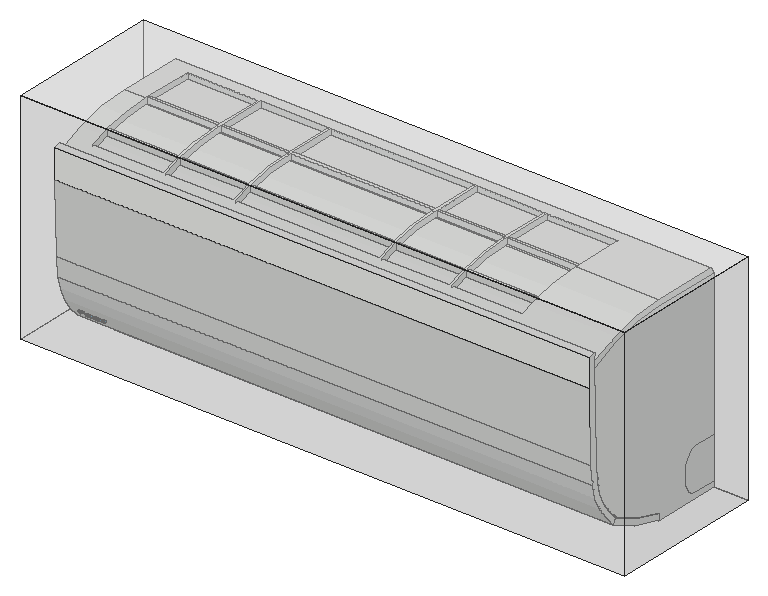
Revit family "outputfile", category 機械設備, Revit 2024
Family settings
  丸型コネクタ寸法 = 半径を使用
  パーツ タイプ = 標準
  OmniClass 番号 = 23.75.10.24.21.27.27
  OmniClass タイトル = Split System Air Conditioning Units
  作業面ベース = いいえ
  常に垂直 = はい
  ロード時にボイドで切り取り = いいえ
  注釈の向きを維持 = いいえ
  共有 = いいえ
  部屋計算ポイント = いいえ
Parameters (values of type "FTXV25QVMV")
  Description = ""
  書き出し IFC クラス(タイプ) = "IfcUnitaryEquipmentType"
  定義済み IFC タイプ(タイプ) = "AIRCONDITIONINGUNIT"
  Cost = 0
  Type Comments = ""
  Keynote = ""
  Type Image = (empty or 0)
  Assembly Code = ""
  w_wall hole = if(Width = 770.0 mm, 48.0 mm, 60.0 mm)  # 48.0 mm
  製造元 = "Daikin"
  モデル = "FTXV25QVMV"
  switch_frequency = yes
  r_Liquid Pipe Size = Liquid Pipe Size / 2  # 3.2 mm
  r_Gas Pipe Size = Gas Pipe Size / 2  # 4.75 mm
  r_Drain Pipe Size = Drain Pipe Size / 2  # 8.0 mm
  lw_powersupply [instance] = if(Width = 770.0 mm, if(or(Rear Right Connection_refrigerant, Bottom Right Connection_refrigerant), 25.0 mm, if(or(Rear Left Connection_refrigerant, Bottom Left Connection_refrigerant), 745.0 mm, 400.0 mm)), if(Width = 990.0 mm, if(or(Rear Right Connection_refrigerant, Bottom Right Connection_refrigerant), 40.0 mm, if(or(Rear Left Connection_refrigerant, Bottom Left Connection_refrigerant), 920.0 mm, 400.0 mm)), if(or(Rear Right Connection_refrigerant, Bottom Right Connection_refrigerant), 40.0 mm, if(or(Rear Left Connection_refrigerant, Bottom Left Connection_refrigerant), 920.0 mm, 400.0 mm))))  # 400.0 mm
  lw_liquidpipe [instance] = if(Width = 770.0 mm, if(or(Rear Right Connection_refrigerant, Bottom Right Connection_refrigerant), 0.0 mm, if(or(Rear Left Connection_refrigerant, Bottom Left Connection_refrigerant), 664.0 mm, 385.0 mm)), if(Width = 990.0 mm, if(or(Rear Right Connection_refrigerant, Bottom Right Connection_refrigerant), 0.0 mm, if(or(Rear Left Connection_refrigerant, Bottom Left Connection_refrigerant), 664.0 mm + (990.0 mm - 770.0 mm), 475.0 mm)), if(or(Rear Right Connection_refrigerant, Bottom Right Connection_refrigerant), 0.0 mm, if(or(Rear Left Connection_refrigerant, Bottom Left Connection_refrigerant), 664.0 mm + (990.0 mm - 770.0 mm), 475.0 mm))))  # 385.0 mm
  lw_gaspipe [instance] = if(Width = 770.0 mm, if(or(Rear Right Connection_refrigerant, Bottom Right Connection_refrigerant), 0.0 mm, if(or(Rear Left Connection_refrigerant, Bottom Left Connection_refrigerant), 675.0 mm, if(Gas Pipe Size = 12.7 mm, 345.0 mm, 335.0 mm))), if(Width = 990.0 mm, if(or(Rear Right Connection_refrigerant, Bottom Right Connection_refrigerant), 10.0 mm, if(or(Rear Left Connection_refrigerant, Bottom Left Connection_refrigerant), 890.0 mm, if(Gas Pipe Size = 15.9 mm, 410.0 mm, 400.0 mm))), if(or(Rear Right Connection_refrigerant, Bottom Right Connection_refrigerant), 10.0 mm, if(or(Rear Left Connection_refrigerant, Bottom Left Connection_refrigerant), 890.0 mm, if(Gas Pipe Size = 15.9 mm, 410.0 mm, 400.0 mm)))))  # 335.0 mm
  lw_drainpipe [instance] = if(Width = 770.0 mm, if(or(Rear Right Connection_refrigerant, Bottom Right Connection_refrigerant), 0.0 mm, if(or(Rear Left Connection_refrigerant, Bottom Left Connection_refrigerant), 770.0 mm - 48.0 mm - 48.0 mm, 440.0 mm)), if(Width = 990.0 mm, if(or(Rear Right Connection_refrigerant, Bottom Right Connection_refrigerant), 0.0 mm, if(or(Rear Left Connection_refrigerant, Bottom Left Connection_refrigerant), 675.0 mm + (990.0 mm - 770.0 mm), 435.0 mm)), if(or(Rear Right Connection_refrigerant, Bottom Right Connection_refrigerant), 0.0 mm, if(or(Rear Left Connection_refrigerant, Bottom Left Connection_refrigerant), 675.0 mm + (990.0 mm - 770.0 mm), 435.0 mm))))  # 440.0 mm
  l_powersupply_length [instance] = if(Width = 770.0 mm, if(Right Connection_refrigerant, 400.0 mm, if(Left Connection_refrigerant, 770.0 mm - 400.0 mm, if(or(Rear Left Connection_refrigerant, Rear Right Connection_refrigerant), 15.0 mm, 50.0 mm))), if(Width = 990.0 mm, if(Right Connection_refrigerant, 400.0 mm, if(Left Connection_refrigerant, 990.0 mm - 400.0 mm, if(or(Rear Left Connection_refrigerant, Rear Right Connection_refrigerant), 15.0 mm, 50.0 mm))), if(Right Connection_refrigerant, 400.0 mm, if(Left Connection_refrigerant, 990.0 mm - 400.0 mm, if(or(Rear Left Connection_refrigerant, Rear Right Connection_refrigerant), 15.0 mm, 50.0 mm)))))  # 400.0 mm
  l_liquidpipe_length [instance] = if(Width = 770.0 mm, if(Right Connection_refrigerant, 433.0 mm, if(Left Connection_refrigerant, 337.0 mm, if(or(Rear Left Connection_refrigerant, Rear Right Connection_refrigerant), 30.0 mm, 40.0 mm))), if(Width = 990.0 mm, if(Right Connection_refrigerant, 535.0 mm, if(Left Connection_refrigerant, 455.0 mm, if(or(Rear Left Connection_refrigerant, Rear Right Connection_refrigerant), 30.0 mm, 40.0 mm))), if(Right Connection_refrigerant, 535.0 mm, if(Left Connection_refrigerant, 455.0 mm, if(or(Rear Left Connection_refrigerant, Rear Right Connection_refrigerant), 30.0 mm, 40.0 mm)))))  # 433.0 mm
  l_gaspipe_length [instance] = if(Width = 770.0 mm, if(Right Connection_refrigerant, if(Gas Pipe Size = 12.7 mm, 393.0 mm, 383.0 mm), if(Left Connection_refrigerant, if(Gas Pipe Size = 12.7 mm, 770.0 mm - 393.0 mm, 770.0 mm - 383.0 mm), if(or(Rear Left Connection_refrigerant, Rear Right Connection_refrigerant), 40.0 mm, 50.0 mm))), if(Width = 990.0 mm, if(Right Connection_refrigerant, if(Gas Pipe Size = 15.9 mm, 470.0 mm, 460.0 mm), if(Left Connection_refrigerant, if(Gas Pipe Size = 15.9 mm, 990.0 mm - 470.0 mm, 990.0 mm - 460.0 mm), if(or(Rear Left Connection_refrigerant, Rear Right Connection_refrigerant), 40.0 mm, 50.0 mm))), if(Right Connection_refrigerant, if(Gas Pipe Size = 15.9 mm, 470.0 mm, 460.0 mm), if(Left Connection_refrigerant, if(Gas Pipe Size = 15.9 mm, 990.0 mm - 470.0 mm, 990.0 mm - 460.0 mm), if(or(Rear Left Connection_refrigerant, Rear Right Connection_refrigerant), 40.0 mm, 50.0 mm)))))  # 383.0 mm
  l_drainpipe_length [instance] = if(Width = 770.0 mm, if(Right Connection_refrigerant, 488.0 mm, if(Left Connection_refrigerant, 282.0 mm, if(or(Rear Left Connection_refrigerant, Rear Right Connection_refrigerant), 15.0 mm, 20.0 mm))), if(Width = 990.0 mm, if(Right Connection_refrigerant, 495.0 mm, if(Left Connection_refrigerant, 495.0 mm, if(or(Rear Left Connection_refrigerant, Rear Right Connection_refrigerant), 15.0 mm, 20.0 mm))), if(Right Connection_refrigerant, 495.0 mm, if(Left Connection_refrigerant, 495.0 mm, if(or(Rear Left Connection_refrigerant, Rear Right Connection_refrigerant), 15.0 mm, 20.0 mm)))))  # 488.0 mm
  h*** = 0.0 mm  # constant formula
  connector_voltage = Voltage_50Hz  # 230 V
  connector_powerinput = if([Power Input (Cooling)] > [Power Input (Heating)], [Power Input (Cooling)], [Power Input (Heating)])  # 0.000 kW
  connector_phase = Phase_50Hz  # 1
  angle_vertical [instance] = if(or(Bottom Left Connection_refrigerant, Bottom Right Connection_refrigerant), 0.00°, 90.00°)  # 90.00°
  angle_horizontal [instance] = if(Right Connection_refrigerant, 90.00°, if(Left Connection_refrigerant, -90.00°, if(or(Rear Left Connection_refrigerant, Rear Right Connection_refrigerant), 180.00°, 0.00°)))  # 90.00°
  Width = 770.0 mm
  Voltage_comment_50Hz = "220 - 240"
  Voltage_50Hz = 230 V
  Version = "ver.1.0"
  Unit Type = "Wall Mounted"
  Unit Mass Weight = 9.00 kg
  Unit Designation [instance] = ""
  Uniclass2015Version = "Products v1.30"
  Uniclass2015Title = "Split coil room air conditioning units"
  Uniclass2015Code = "Pr_70_65_03_86"
  URL = ""
  Total Heating Capacity [instance] = 0.000 kW
  Total Cooling Capacity [instance] = 0.000 kW
  Sound Pressure Level_M speed (dBA) = 32
  Sound Pressure Level_L speed (dBA) = 25
  Sound Pressure Level_H speed (dBA) = 40
  Sound Power Level_H speed (dB) = 0
  Series = "Single Split_Fan Coil Unit"
  Sensible Cooling Capacity [instance] = 0.000 kW
  Refrigerant Type = "R32"
  Power Input (Heating) = 0.000 kW
  Power Input (Cooling) = 0.000 kW
  Phase_50Hz = 1
  Option Accessory 3 [instance] = ""
  Option Accessory 2 [instance] = ""
  Option Accessory 1 [instance] = ""
  Nominal Heating Capacity = 3.200 kW
  Nominal Cooling Capacity = 2.500 kW
  Minimum Circuit Amps_50Hz = 0.0 A
  Minimum Airflow = 300.00 m³/h
  Median Airflow = 426.00 m³/h
  Maximum Fuse Amps_50Hz = 0.0 A
  Maximum Airflow = 600.00 m³/h
  Material_Casing = DAIKIN_PureWhite_Casing_indoorunit
  Load Classification = HVAC
  Liquid Pipe Size = 6.4 mm
  Link_Nested Family [instance] = ""
  IfcVersion = ""
  IfcExportType = "AIRCONDITIONINGUNIT"
  IfcExportAs = "IfcUnitaryEquipmentType"
  Height = 285.0 mm
  Heating Entering Wet Bulb Temperature [instance] = 0.00 °C
  Heating Entering Dry Bulb Temperature [instance] = 0.00 °C
  Heating Ambient Wet Bulb Temperature [instance] = 0.00 °C
  Heating Ambient Dry Bulb Temperature [instance] = 0.00 °C
  Heat Exchanger Type = "Cross Fin Coil"
  Gas Pipe Size = 9.5 mm
  Frequency_50Hz = 50 Hz
  Fan Type = "Cross Flow Fan"
  Fan Drive = "Direct Drive"
  FCU Tag No. [instance] = ""
  Drain Pipe Size = 16.0 mm
  Design Supply Airflow [instance] = 0.00 m³/h
  Depth = 223.0 mm
  既定の高さ = 0.0 mm
  Cooling Entering Wet Bulb Temperature [instance] = 0.00 °C
  Cooling Entering Dry Bulb Temperature [instance] = 0.00 °C
  Cooling Ambient Wet Bulb Temperature [instance] = 0.00 °C
  Cooling Ambient Dry Bulb Temperature [instance] = 0.00 °C
  Clearance visibility [instance] = yes
  Clearance Top = 30.0 mm
  Clearance Right = 50.0 mm
  Clearance Rear = 0.0 mm
  Clearance Left = 50.0 mm
  Clearance Front = 0.0 mm
  Clearance Bottom = 0.0 mm
  Bottom Right Connection_refrigerant [instance] = no
  Bottom Left Connection_refrigerant [instance] = no
  Rear Right Connection_refrigerant [instance] = no
  Rear Left Connection_refrigerant [instance] = no
  Right Connection_refrigerant [instance] = yes
  Left Connection_refrigerant [instance] = no
Reference planes
  plane 1 "Back": y = 0
  plane 2: z = 0
  plane 3 "Center (Left/Right)": x = 0
  plane 4 "Center (Front/Back)": y = -111.5
  plane 5 "Front": y = -223
  plane 6 "Left": x = -385
  plane 7 "Right": x = 385
  plane 8 "Top": z = 0
  plane 9 "Bottom": z = -285
  plane 10: x = -435
  plane 11: x = 435
  plane 12: y = 0
  plane 13: y = -223
  plane 14: z = 30
  plane 15: z = -285
  plane 16 "lw_Piping and Wiring intake": x = 337
  plane 17 "lw_gaspipe": x = 2
  plane 18 "lw_liquidpipe": x = -48
  plane 19 "lw_drainpipe": x = -103
  plane 20 "lh_drainpipe": z = -265
  plane 21 "lh_liquidpipe": z = -245
  plane 22 "lh_gaspipe": z = -235
  plane 23 "ld_drainpipe": y = -15
  plane 24 "ld_liquidpipe": y = -30
  plane 25 "ld_gaspipe": y = -40
  plane 26 "lw_powersupply": x = -15
Dimensions and locks
  equal spacing: plane 6 "Left", plane 3 "Center (Left/Right)", plane 7 "Right"
  "Width": plane 6 "Left" to plane 7 "Right"
  equal spacing: plane 5 "Front", plane 4 "Center (Front/Back)", plane 1 "Back"
  "Depth": plane 5 "Front" to plane 1 "Back"
  "Height": plane 8 "Top" to plane 9 "Bottom"
  "Clearance Rear": plane 12 to plane 1 "Back"
  "Clearance Front": plane 13 to plane 5 "Front"
  "Clearance Top": plane 14 to plane 8 "Top"
  "Clearance Bottom": plane 9 "Bottom" to plane 15
  "w_wall hole": plane 16 "lw_Piping and Wiring intake" to plane 7 "Right"
  "lw_gaspipe": plane 17 "lw_gaspipe" to plane 16 "lw_Piping and Wiring intake"
  "lw_liquidpipe": plane 18 "lw_liquidpipe" to plane 16 "lw_Piping and Wiring intake"
  "lw_drainpipe": plane 19 "lw_drainpipe" to plane 16 "lw_Piping and Wiring intake"
  locked: plane 20 "lh_drainpipe" to plane 9 "Bottom" at 20
  locked: plane 21 "lh_liquidpipe" to plane 9 "Bottom" at 40
  locked: plane 22 "lh_gaspipe" to plane 9 "Bottom" at 50
  locked: plane 23 "ld_drainpipe" to plane 1 "Back" at 15
  locked: plane 1 "Back" to plane 24 "ld_liquidpipe" at 30
  locked: plane 1 "Back" to plane 25 "ld_gaspipe" at 40
  "lw_powersupply": plane 26 "lw_powersupply" to plane 7 "Right"
  "Clearance Left": plane 10 to plane 6 "Left"
  "Clearance Right": plane 7 "Right" to plane 11
  aligned and locked: level to plane 2
  aligned and locked: plane 12 to nested 1
  aligned and locked: nested 1 to plane 13
  aligned and locked: plane 10 to nested 1
  aligned and locked: plane 11 to nested 1
  aligned and locked: plane 15 to nested 1
  aligned and locked: plane 14 to nested 1
  aligned and locked: plane 17 "lw_gaspipe" to nested 2
  aligned and locked: nested 2 to plane 25 "ld_gaspipe"
  aligned and locked: plane 18 "lw_liquidpipe" to nested 3
  aligned and locked: nested 3 to plane 24 "ld_liquidpipe"
  aligned and locked: plane 19 "lw_drainpipe" to nested 4
  aligned and locked: nested 4 to plane 23 "ld_drainpipe"
  aligned and locked: nested 5 to plane 23 "ld_drainpipe"
  aligned and locked: plane 26 "lw_powersupply" to nested 5
  aligned and locked: level to plane 8 "Top"
  aligned and locked: plane 3 "Center (Left/Right)" to nested 6
  aligned and locked: plane 1 "Back" to nested 6
  aligned and locked: plane 8 "Top" to nested 6
Nested families
  nested 1: "daikin_clearancespace" at (0, -111.5, -127.381), show <- "Clearance visibility", visible <- "Clearance visibility", Link_Nested Family <- "Link_Nested Family", type "daikin_clearancespace"
    with width 870.0 mm, show yes, height 315.0 mm, depth 223.0 mm, Link_Nested Family ""
  nested 2: "daikin_connector_rotate3" at (2, -40, -235), angle_vertical <- "angle_vertical", angle_horizontal <- "angle_horizontal", length <- "l_gaspipe_length", radius <- "r_Gas Pipe Size", type "daikin_connector_rotate3"
    with show no, radius 4.75 mm, length 383.0 mm, angle_vertical 90.00°, angle_horizontal 90.00°
  nested 3: "daikin_connector_rotate3" at (-48, -30, -245), angle_vertical <- "angle_vertical", angle_horizontal <- "angle_horizontal", radius <- "r_Liquid Pipe Size", length <- "l_liquidpipe_length", type "daikin_connector_rotate3"
    with show no, radius 3.2 mm, length 433.0 mm, angle_vertical 90.00°, angle_horizontal 90.00°
  nested 4: "daikin_connector_rotate3" at (-103, -15, -265), angle_vertical <- "angle_vertical", angle_horizontal <- "angle_horizontal", length <- "l_drainpipe_length", radius <- "r_Drain Pipe Size", type "daikin_connector_rotate3"
    with show no, radius 8.0 mm, length 488.0 mm, angle_vertical 90.00°, angle_horizontal 90.00°
  nested 5: "daikin_connector_rotate3" at (-15, -15, -235), angle_vertical <- "angle_vertical", angle_horizontal <- "angle_horizontal", length <- "l_powersupply_length", type "daikin_connector_rotate3"
    with show no, radius 10.0 mm, length 400.0 mm, angle_vertical 90.00°, angle_horizontal 90.00°
  nested 6: "DAIKIN_indoorunit_FTXV-QVMV" at (-31, 0, 0), type "FTXV-QVMV"
Connectors
  piping at (385, -40, -235), diameter 9.5, driven by "r_Gas Pipe Size"
    settings: on nested 2, index 1, connector inside diameter 609.6 mm, connector length 0.0 mm, flow factor 0, pipe flow 0.00 m³/h, pressure drop 0.0 Pa, fitting loss kfactor 0, connector angle 0.00°, fixture units 0, engagement length 0.0 mm, angle of deflection 0.00°, flow configuration 1, flow direction 2, fitting loss method 0, system type 29, joint type 0, gender type 0, connector reference index -1, connector utility 0, adjustable connector no, is connector primary yes, connector description "Refrigerant Gas Piping"
  piping at (385, -30, -245), diameter 6.4, driven by "r_Liquid Pipe Size"
    settings: on nested 3, index 2, connector inside diameter 609.6 mm, connector length 0.0 mm, flow factor 0, pipe flow 0.00 m³/h, pressure drop 0.0 Pa, fitting loss kfactor 0, connector angle 0.00°, fixture units 0, engagement length 0.0 mm, angle of deflection 0.00°, flow configuration 1, flow direction 1, fitting loss method 0, system type 29, joint type 0, gender type 0, connector reference index -1, connector utility 0, adjustable connector no, is connector primary no, connector description "Refrigerant Liquid Piping"
  piping at (385, -15, -265), diameter 16, driven by "r_Drain Pipe Size"
    settings: on nested 4, index 3, connector inside diameter 609.6 mm, connector length 0.0 mm, flow factor 0, pipe flow 0.00 m³/h, pressure drop 0.0 Pa, fitting loss kfactor 0, connector angle 0.00°, fixture units 0, engagement length 0.0 mm, angle of deflection 0.00°, flow configuration 1, flow direction 2, fitting loss method 4, system type 16, joint type 0, gender type 0, connector reference index -1, connector utility 0, adjustable connector no, is connector primary no, connector description "Condensate Drain Piping"
  electrical at (385, -15, -235), driven by "Load Classification", driven by "connector_powerinput", driven by "connector_phase", driven by "connector_voltage"
    settings: on nested 5, index 4, voltage 230 V, apparent load 0 VA, apparent load phase1 0 VA, apparent load phase2 0 VA, apparent load phase3 0 VA, power factor 1, load classification "HVAC", number of poles 1, system type 30, power factor state 1, is connector primary yes, connector utility no, sub classification motor no, connector description "Power Supply"
Definition of nested family "daikin_clearancespace"
  Parameters (values of type "daikin_clearancespace")
    Description = "daikin_clearancespace"
    width [instance] = 1823.963 mm
    show [instance] = yes
    material = none
    height [instance] = 1359.762 mm
    depth [instance] = 880.0 mm
    Default Elevation = 0.0 mm
    Link_Nested Family [instance] = ""
  Reference planes
    plane 1 "Center (Front/Back)": y = 0
    plane 2 "Center (Elevation)": z = -0.119
    plane 3 "Center (Left/Right)": x = 0
    plane 4: y = 440
    plane 5: y = -440
    plane 6 "Right": x = 911.982
    plane 7 "Left": x = -911.982
    plane 8 "Top": z = 679.762
    plane 9 "Bottom": z = -680
  Forms (mm)
    Extrusion 1, solid, material <- "material", visible <- "show"
      sketch origin (0, 0, 0) x (1, 0, 0) y (0, 1, 0)
        loop
          line (-911.982, 440) -> (-911.982, -440) -> (911.982, -440) -> (911.982, 440) -> (-911.982, 440)
      from -680 to 679.762
  Lines and regions (mm)
    symbolic lines, visible <- "show"
      curve 1: line (911.982, 440, 0) -> (-911.982, 440, 0)
      curve 2: line (-911.982, 440, 0) -> (-911.982, -440, 0)
      curve 3: line (-911.982, -440, 0) -> (911.982, -440, 0)
      curve 4: line (911.982, -440, 0) -> (911.982, 440, 0)
      curve 5: line (911.982, 0, 679.762) -> (-911.982, 0, 679.762)
      curve 6: line (911.982, 0, -680) -> (911.982, 0, 679.762)
      curve 7: line (-911.982, 0, -680) -> (911.982, 0, -680)
      curve 8: line (-911.982, 0, 679.762) -> (-911.982, 0, -680)
      curve 9: line (0, 440, 679.762) -> (0, -440, 679.762)
      curve 10: line (0, -440, 679.762) -> (0, -440, -680)
      curve 11: line (0, 440, -680) -> (0, 440, 679.762)
      curve 12: line (0, -440, -680) -> (0, 440, -680)
  Dimensions and locks
    "width": plane 7 "Left" to plane 6 "Right"
    "depth": plane 4 to plane 5
    "height": plane 8 "Top" to plane 9 "Bottom"
    equal spacing: plane 7 "Left", plane 3 "Center (Left/Right)", plane 6 "Right"
    equal spacing: plane 4, plane 1 "Center (Front/Back)", plane 5
    equal spacing: plane 8 "Top", plane 2 "Center (Elevation)", plane 9 "Bottom"
    aligned and locked: level to plane 2 "Center (Elevation)"
    aligned and locked: Extrusion 1 sketch curve to plane 4
    aligned and locked: plane 7 "Left" to Extrusion 1 sketch curve
    aligned and locked: Extrusion 1 sketch curve to plane 5
    aligned and locked: Extrusion 1 sketch curve to plane 6 "Right"
    aligned and locked: plane 8 "Top" to Extrusion 1
    aligned and locked: curve 1 to Extrusion 1
    aligned and locked: curve 2 to Extrusion 1
    aligned and locked: curve 3 to Extrusion 1
    aligned and locked: curve 4 to Extrusion 1
    aligned and locked: curve 5 to Extrusion 1
    aligned and locked: curve 6 to Extrusion 1
    aligned and locked: curve 7 to Extrusion 1
    aligned and locked: curve 8 to Extrusion 1
    aligned and locked: curve 9 to Extrusion 1
    aligned and locked: curve 10 to Extrusion 1
    aligned and locked: curve 11 to Extrusion 1
    aligned and locked: curve 12 to Extrusion 1
    aligned and locked: Extrusion 1 to plane 9 "Bottom"
Definition of nested family "DAIKIN_indoorunit_FTXV-QVMV"
  Parameters (values of type "CTKM-RVMV")
    switch_unit1_50-71 = Width = 990.0 mm  # no
    switch_unit1_25-35 = Width = 770.0 mm  # yes
    Width = 770.0 mm
    WALL HOLE-R = if(Width = 770.0 mm, 48.0 mm, 60.0 mm)  # 48.0 mm
    WALL HOLE Size = if(Width = 770.0 mm, 65.0 mm, 80.0 mm)  # 65.0 mm
    Material_Casing = none
    Height = if(Width = 770.0 mm, 285.0 mm, 295.0 mm)  # 285.0 mm
    Default Elevation = 0.0 mm
  Reference planes
    plane 1 "Center (Front/Back)": y = 0
    plane 2 "reference_level": z = 0
    plane 3 "Center (Left/Right)": x = 31
    plane 4: x = -354
    plane 5: x = 416
    plane 6: z = -285
  Forms (mm)
    Extrusion 1, solid, material <- "Material_Casing", visible <- "switch_unit1_25-35"
      sketch origin (29, 0, 0) x (0, 1, 0) y (0, 0, 1)
        loop
          line (-5, 0) -> (-98, 0)
          arc (-98, 0) -> (-157.611, -7.211) -> (-213.783, -28.427) r 250
          arc (-213.783, -28.427) -> (-213.842, -32.972) -> (-213.892, -37.516) r 2191
          arc (-213.892, -37.516) -> (-157.832, -15.495) -> (-98.07, -8) r 242
          line (-98.07, -8) -> (0, -8) -> (-5, 0)
      from -383 to 387
    Extrusion 2, solid, material <- "Material_Casing", visible <- "switch_unit1_25-35"
      sketch origin (416, 1296.25, 1200) x (0, 1, 0) y (0, 0, 1)
        loop
          line (-1472.998, -1446.91) -> (-1476.998, -1453.839)
          arc (-1476.998, -1453.839) -> (-1437.481, -1472.422) -> (-1395.25, -1483.538) r 240
          line (-1395.25, -1483.538) -> (-1395.25, -1475.422)
          arc (-1395.25, -1475.422) -> (-1435.407, -1464.663) -> (-1472.998, -1446.91) r 232
      from 0 to -47.5
    Extrusion 3, solid, material <- "Material_Casing", visible <- "switch_unit1_25-35"
      sketch origin (29, 0, 0) x (0, 1, 0) y (0, 0, 1)
        loop
          arc (-223, -60.455) -> (-222.414, -110.646) -> (-220.656, -160.81) r 2149.92
          arc (-220.656, -160.81) -> (-219.65, -174.299) -> (-217.853, -187.706) r 229.911
          arc (-217.853, -187.706) -> (-205.371, -223.594) -> (-181.517, -253.17) r 111
          line (-181.517, -253.17) -> (-177.429, -246.093)
          arc (-177.429, -246.093) -> (-198.77, -218.989) -> (-209.965, -186.36) r 103
          arc (-209.965, -186.36) -> (-211.681, -173.586) -> (-212.651, -160.735) r 221.844
          arc (-212.651, -160.735) -> (-214.739, -93.233) -> (-214.74, -25.699) r 2186.828
          arc (-214.74, -25.699) -> (-214.671, -21.467) -> (-214.594, -17.235) r 2192
          line (-214.594, -17.235) -> (-223, -19.961) -> (-223, -60.455)
      from -383 to 387
    Extrusion 4, solid, material <- "Material_Casing", visible <- "switch_unit1_25-35"
      sketch origin (29, 0, -20) x (0, 1, 0) y (0, 0, 1)
        loop
          line (0, -265) -> (0, 12) -> (-98.07, 12)
          arc (-98.07, 12) -> (-157.832, 4.505) -> (-213.892, -17.516) r 242
          arc (-213.892, -17.516) -> (-213.638, -79.114) -> (-211.653, -140.681) r 2191
          arc (-211.653, -140.681) -> (-210.685, -153.501) -> (-208.973, -166.243) r 221
          arc (-208.973, -166.243) -> (-197.471, -199.282) -> (-175.482, -226.491) r 102
          arc (-175.482, -226.491) -> (-138.004, -244.019) -> (-98, -254.579) r 231
          line (-98, -254.579) -> (-98, -265) -> (0, -265)
      from -383 to 387
    Extrusion 5, solid, material <- "Material_Casing", visible <- "switch_unit1_25-35"
      sketch origin (-354, 1296.25, 1200) x (0, 1, 0) y (0, 0, 1)
        loop
          line (-1472.998, -1446.91) -> (-1476.998, -1453.839)
          arc (-1476.998, -1453.839) -> (-1437.481, -1472.422) -> (-1395.25, -1483.538) r 240
          line (-1395.25, -1483.538) -> (-1395.25, -1475.422)
          arc (-1395.25, -1475.422) -> (-1435.407, -1464.663) -> (-1472.998, -1446.91) r 232
      from 47 to 0
    Extrusion 6, solid, material <- "Material_Casing", visible <- "switch_unit1_25-35"
      sketch origin (416, 1296.25, 1200) x (0, 1, 0) y (0, 0, 1)
        loop
          line (-1472.998, -1446.91) -> (-1476.998, -1453.839)
          arc (-1476.998, -1453.839) -> (-1443.437, -1470.168) -> (-1407.75, -1481.097) r 240
          line (-1407.75, -1481.097) -> (-1407.75, -1472.894)
          arc (-1407.75, -1472.894) -> (-1441.363, -1462.385) -> (-1472.998, -1446.91) r 232
      from -116.993 to -48.493
    Extrusion 7, solid, material <- "Material_Casing", visible <- "switch_unit1_25-35"
      sketch origin (416, 1296.25, 1200) x (0, 1, 0) y (0, 0, 1)
        loop
          line (-1472.998, -1446.91) -> (-1476.998, -1453.839)
          arc (-1476.998, -1453.839) -> (-1443.437, -1470.168) -> (-1407.75, -1481.097) r 240
          line (-1407.75, -1481.097) -> (-1407.75, -1472.894)
          arc (-1407.75, -1472.894) -> (-1441.363, -1462.385) -> (-1472.998, -1446.91) r 232
      from -717 to -121.993
    Extrusion 8, void
      sketch origin (31, 0, -235) x (1, 0, 0) y (0, 1, 0)
        loop
          line (-252.674, -22.316) -> (-354.941, -22.316) -> (-354.941, -91.341) -> (-252.674, -91.341) -> (-252.674, -22.316)
        loop
          line (-249.341, -91.341) -> (-151.574, -91.341) -> (-151.574, -22.316) -> (-249.341, -22.316) -> (-249.341, -91.341)
        loop
          line (58.309, -22.316) -> (-148.309, -22.316) -> (-148.309, -91.341) -> (58.309, -91.341) -> (58.309, -22.316)
        loop
          line (61.689, -22.316) -> (61.689, -91.341) -> (159.457, -91.341) -> (159.457, -22.316) -> (61.689, -22.316)
        loop
          line (162.789, -22.316) -> (162.789, -91.341) -> (265.057, -91.341) -> (265.057, -22.316) -> (162.789, -22.316)
        loop
          line (-354.941, -94.659) -> (-354.941, -165.259) -> (-252.674, -165.259) -> (-252.674, -94.659) -> (-354.941, -94.659)
        loop
          line (-249.341, -94.659) -> (-249.341, -165.259) -> (-151.574, -165.259) -> (-151.574, -94.659) -> (-249.341, -94.659)
        loop
          line (-148.309, -94.659) -> (-148.309, -165.259) -> (58.309, -165.259) -> (58.309, -94.659) -> (-148.309, -94.659)
        loop
          line (61.689, -94.659) -> (61.689, -165.259) -> (159.457, -165.259) -> (159.457, -94.659) -> (61.689, -94.659)
        loop
          line (162.789, -94.659) -> (162.789, -165.259) -> (265.057, -165.259) -> (265.057, -94.659) -> (162.789, -94.659)
        loop
          line (-354.941, -167.382) -> (-354.941, -192.681) -> (-252.674, -192.681) -> (-252.674, -167.382) -> (-354.941, -167.382)
        loop
          line (-249.341, -167.382) -> (-249.341, -192.681) -> (-151.574, -192.681) -> (-151.574, -167.382) -> (-249.341, -167.382)
        loop
          line (-148.309, -167.382) -> (-148.309, -192.681) -> (58.309, -192.681) -> (58.309, -167.382) -> (-148.309, -167.382)
        loop
          line (159.457, -167.382) -> (61.689, -167.382) -> (61.689, -192.681) -> (159.457, -192.681) -> (159.457, -167.382)
        loop
          line (265.057, -167.382) -> (162.789, -167.382) -> (162.789, -192.681) -> (265.057, -192.681) -> (265.057, -167.382)
      from 201.638 to 250
    Extrusion 9, solid, material <- "Material_Casing"
      sketch origin (31, 0, 0) x (1, 0, 0) y (0, 0, 1)
        loop
          circle (337, -240.5) r 32.5
        loop
          circle (-337, -240.5) r 32.5
      from 0 to 5
    Extrusion 10, solid, material <- "Material_Casing", visible <- "switch_unit1_25-35"
      sketch origin (416, 1296.25, 1200) x (0, -1, 0) y (0, 0, 1)
        loop
          line (1326.25, -1417) -> (1296.25, -1417) -> (1296.25, -1477) -> (1326.25, -1477)
          arc (1326.25, -1477) -> (1340.393, -1471.142) -> (1346.25, -1457) r 20
          line (1346.25, -1457) -> (1346.25, -1437)
          arc (1346.25, -1437) -> (1340.393, -1422.858) -> (1326.25, -1417) r 20
      from 0 to 5
    Extrusion 11, solid, material <- "Material_Casing", visible <- "switch_unit1_25-35"
      sketch origin (-354, 1296.25, 1200) x (0, 1, 0) y (0, 0, 1)
        loop
          line (-1296.25, -1417) -> (-1326.25, -1417)
          arc (-1326.25, -1417) -> (-1340.393, -1422.858) -> (-1346.25, -1437) r 20
          line (-1346.25, -1437) -> (-1346.25, -1457)
          arc (-1346.25, -1457) -> (-1340.393, -1471.142) -> (-1326.25, -1477) r 20
          line (-1326.25, -1477) -> (-1296.25, -1477) -> (-1296.25, -1417)
      from 0 to 5
    Extrusion 12, solid, material <- "Material_Casing", visible <- "switch_unit1_25-35"
      sketch origin (31, 0, -285) x (-1, 0, 0) y (0, -1, 0)
        loop
          line (-314, 0) -> (-314, 30)
          arc (-314, 30) -> (-319.858, 44.142) -> (-334, 50) r 20
          line (-334, 50) -> (-354, 50)
          arc (-354, 50) -> (-368.142, 44.142) -> (-374, 30) r 20
          line (-374, 30) -> (-374, 0) -> (-314, 0)
        loop
          line (374, 0) -> (374, 30)
          arc (374, 30) -> (368.142, 44.142) -> (354, 50) r 20
          line (354, 50) -> (334, 50)
          arc (334, 50) -> (319.858, 44.142) -> (314, 30) r 20
          line (314, 30) -> (314, 0) -> (374, 0)
      from 0 to 5
    Extrusion 13, solid, material <- "Material_Casing", visible <- "switch_unit1_50-71"
      sketch origin (31, 0, 0) x (0, 1, 0) y (0, 0, 1)
        loop
          line (-5, 0) -> (-138, 0)
          arc (-138, 0) -> (-197.611, -7.211) -> (-253.783, -28.427) r 250
          arc (-253.783, -28.427) -> (-253.838, -32.687) -> (-253.886, -36.946) r 2191
          arc (-253.886, -36.946) -> (-197.73, -15.346) -> (-138.014, -8) r 246.393
          line (-138.014, -8) -> (0, -8) -> (-5, 0)
      from -495 to 495
    Extrusion 14, solid, material <- "Material_Casing", visible <- "switch_unit1_50-71"
      sketch origin (418, 1296.25, 1200) x (0, 1, 0) y (0, 0, 1)
        loop
          arc (-1515.208, -1454.149) -> (-1506.856, -1460.599) -> (-1497.925, -1466.219) r 110
          arc (-1497.925, -1466.219) -> (-1445.718, -1487.493) -> (-1389.844, -1494.995) r 223
          line (-1389.844, -1494.995) -> (-1389.844, -1486.086) -> (-1404.386, -1486.086)
          arc (-1404.386, -1486.086) -> (-1449.542, -1477.46) -> (-1491.818, -1459.402) r 214.289
          arc (-1491.818, -1459.402) -> (-1501.056, -1453.541) -> (-1509.606, -1446.715) r 101
          line (-1509.606, -1446.715) -> (-1515.208, -1454.149)
      from 108 to 57.5
    Extrusion 15, solid, material <- "Material_Casing", visible <- "switch_unit1_50-71"
      sketch origin (31, 0, 0) x (0, 1, 0) y (0, 0, 1)
        loop
          line (-263, -19.962) -> (-263, -61.6)
          arc (-263, -61.6) -> (-262.414, -110.219) -> (-260.656, -158.81) r 2017.341
          arc (-260.656, -158.81) -> (-255.648, -191.935) -> (-244.041, -223.362) r 164.725
          arc (-244.041, -223.362) -> (-233.569, -239.793) -> (-219.717, -253.495) r 87.379
          line (-219.717, -253.495) -> (-214.706, -246.846)
          arc (-214.706, -246.846) -> (-229.564, -230.029) -> (-240.385, -210.371) r 102
          arc (-240.385, -210.371) -> (-249.049, -182.962) -> (-252.848, -154.467) r 165.789
          arc (-252.848, -154.467) -> (-254.771, -90.102) -> (-254.74, -25.708) r 2122.533
          arc (-254.74, -25.708) -> (-254.671, -21.469) -> (-254.594, -17.23) r 2192
          line (-254.594, -17.23) -> (-263, -19.962)
      from -495 to 495
    Extrusion 16, void
      sketch origin (33, 0, 0) x (1, 0, 0) y (0, 1, 0)
        loop
          line (-466.909, -22.316) -> (-466.909, -111.341) -> (-366.303, -111.341) -> (-366.303, -22.316) -> (-466.909, -22.316)
        loop
          line (-362.71, -22.316) -> (-362.71, -111.341) -> (-262.103, -111.341) -> (-262.103, -22.316) -> (-362.71, -22.316)
        loop
          line (-258.51, -22.316) -> (-258.51, -111.341) -> (-157.904, -111.341) -> (-157.904, -22.316) -> (-258.51, -22.316)
        loop
          line (-154.31, -22.316) -> (-154.31, -111.341) -> (-53.704, -111.341) -> (-53.704, -22.316) -> (-154.31, -22.316)
        loop
          line (-50.11, -22.316) -> (-50.11, -111.341) -> (50.496, -111.341) -> (50.496, -22.316) -> (-50.11, -22.316)
        loop
          line (54.089, -22.316) -> (54.089, -111.341) -> (154.696, -111.341) -> (154.696, -22.316) -> (54.089, -22.316)
        loop
          line (158.289, -22.316) -> (158.289, -111.341) -> (258.895, -111.341) -> (258.895, -22.316) -> (158.289, -22.316)
        loop
          line (262.489, -22.316) -> (262.489, -111.341) -> (363.095, -111.341) -> (363.095, -22.316) -> (262.489, -22.316)
        loop
          line (-466.909, -114.459) -> (-466.909, -185.059) -> (-366.303, -185.059) -> (-366.303, -114.459) -> (-466.909, -114.459)
        loop
          line (-362.71, -114.459) -> (-362.71, -185.059) -> (-262.103, -185.059) -> (-262.103, -114.459) -> (-362.71, -114.459)
        loop
          line (-258.51, -114.459) -> (-258.51, -185.059) -> (-157.904, -185.059) -> (-157.904, -114.459) -> (-258.51, -114.459)
        loop
          line (-154.31, -114.459) -> (-154.31, -185.059) -> (-53.704, -185.059) -> (-53.704, -114.459) -> (-154.31, -114.459)
        loop
          line (-50.11, -114.459) -> (-50.11, -185.059) -> (50.496, -185.059) -> (50.496, -114.459) -> (-50.11, -114.459)
        loop
          line (54.089, -114.459) -> (54.089, -185.059) -> (154.696, -185.059) -> (154.696, -114.459) -> (54.089, -114.459)
        loop
          line (158.289, -114.459) -> (158.289, -185.059) -> (258.895, -185.059) -> (258.895, -114.459) -> (158.289, -114.459)
        loop
          line (262.489, -114.459) -> (262.489, -185.059) -> (363.095, -185.059) -> (363.095, -114.459) -> (262.489, -114.459)
        loop
          line (-466.909, -187.382) -> (-466.909, -232.681) -> (-366.303, -232.681) -> (-366.303, -187.382) -> (-466.909, -187.382)
        loop
          line (-362.71, -187.382) -> (-362.71, -232.681) -> (-262.103, -232.681) -> (-262.103, -187.382) -> (-362.71, -187.382)
        loop
          line (-258.51, -187.382) -> (-258.51, -232.681) -> (-157.904, -232.681) -> (-157.904, -187.382) -> (-258.51, -187.382)
        loop
          line (-154.31, -187.382) -> (-154.31, -232.681) -> (-53.704, -232.681) -> (-53.704, -187.382) -> (-154.31, -187.382)
        loop
          line (-50.11, -187.382) -> (-50.11, -232.681) -> (50.496, -232.681) -> (50.496, -187.382) -> (-50.11, -187.382)
        loop
          line (54.089, -187.382) -> (54.089, -232.681) -> (154.696, -232.681) -> (154.696, -187.382) -> (54.089, -187.382)
        loop
          line (158.289, -187.382) -> (158.289, -232.681) -> (258.895, -232.681) -> (258.895, -187.382) -> (158.289, -187.382)
        loop
          line (262.489, -187.382) -> (262.489, -232.681) -> (363.095, -232.681) -> (363.095, -187.382) -> (262.489, -187.382)
      from -40.013 to 47.268
    Extrusion 17, solid, material <- "Material_Casing", visible <- "switch_unit1_50-71"
      sketch origin (-356, 1296.25, 1200) x (0, 1, 0) y (0, 0, -1)
        loop
          line (-1515.208, 1454.149) -> (-1509.606, 1446.715)
          arc (-1509.606, 1446.715) -> (-1501.056, 1453.541) -> (-1491.818, 1459.402) r 101
          arc (-1491.818, 1459.402) -> (-1449.542, 1477.46) -> (-1404.386, 1486.086) r 214.289
          line (-1404.386, 1486.086) -> (-1389.844, 1486.086) -> (-1389.844, 1494.995)
          arc (-1389.844, 1494.995) -> (-1445.718, 1487.493) -> (-1497.925, 1466.219) r 223
          arc (-1497.925, 1466.219) -> (-1506.856, 1460.599) -> (-1515.208, 1454.149) r 110
      from 108 to 61
    Extrusion 18, solid, material <- "Material_Casing", visible <- "switch_unit1_50-71"
      sketch origin (418, 1296.25, 1200) x (0, 1, 0) y (0, 0, 1)
        loop
          arc (-1515.208, -1454.149) -> (-1506.856, -1460.599) -> (-1497.925, -1466.219) r 110
          arc (-1497.925, -1466.219) -> (-1463.185, -1482.066) -> (-1426.25, -1491.755) r 223
          line (-1426.25, -1491.755) -> (-1426.25, -1483.166)
          arc (-1426.25, -1483.166) -> (-1460.008, -1473.969) -> (-1491.818, -1459.402) r 214.289
          arc (-1491.818, -1459.402) -> (-1501.056, -1453.541) -> (-1509.606, -1446.715) r 101
          line (-1509.606, -1446.715) -> (-1515.208, -1454.149)
      from 56.5 to -36.993
    Extrusion 19, solid, material <- "Material_Casing", visible <- "switch_unit1_50-71"
      sketch origin (418, 1296.25, 1200) x (0, 1, 0) y (0, 0, 1)
        loop
          arc (-1426.25, -1483.166) -> (-1443.442, -1479.224) -> (-1460.25, -1473.881) r 214.289
          line (-1460.25, -1473.881) -> (-1460.25, -1483.089)
          arc (-1460.25, -1483.089) -> (-1443.421, -1488.091) -> (-1426.25, -1491.755) r 223
          line (-1426.25, -1491.755) -> (-1426.25, -1483.166)
      from -43.493 to -828.893
    Extrusion 20, solid, material <- "Material_Casing", visible <- "switch_unit1_50-71"
      sketch origin (418, 1296.25, 1200) x (0, 1, 0) y (0, 0, 1)
        loop
          arc (-1515.208, -1454.149) -> (-1506.856, -1460.599) -> (-1497.925, -1466.219) r 110
          arc (-1497.925, -1466.219) -> (-1479.479, -1475.527) -> (-1460.25, -1483.089) r 223
          line (-1460.25, -1483.089) -> (-1460.25, -1473.881)
          arc (-1460.25, -1473.881) -> (-1476.328, -1467.282) -> (-1491.818, -1459.402) r 214.289
          arc (-1491.818, -1459.402) -> (-1501.056, -1453.541) -> (-1509.606, -1446.715) r 101
          line (-1509.606, -1446.715) -> (-1515.208, -1454.149)
      from -43.493 to -828.893
    Extrusion 21, solid, material <- "Material_Casing", visible <- "switch_unit1_50-71"
      sketch origin (31, 0, -30) x (0, 1, 0) y (0, 0, 1)
        loop
          line (0, 22) -> (-138.014, 22)
          arc (-138.014, 22) -> (-197.73, 14.654) -> (-253.886, -6.946) r 246.393
          arc (-253.886, -6.946) -> (-253.682, -65.635) -> (-251.855, -124.295) r 2120.935
          arc (-251.855, -124.295) -> (-248.086, -152.682) -> (-239.461, -179.988) r 164.789
          arc (-239.461, -179.988) -> (-228.903, -199.231) -> (-214.437, -215.738) r 101
          line (-214.437, -215.738) -> (-212.406, -216.221)
          arc (-212.406, -216.221) -> (-204.07, -222.837) -> (-195.079, -228.53) r 100
          arc (-195.079, -228.53) -> (-145.557, -248.629) -> (-92.593, -255.785) r 213.289
          line (-92.593, -255.785) -> (-92.593, -265) -> (0, -265) -> (0, 22)
      from -495 to 495
    Extrusion 22, solid, material <- "Material_Casing", visible <- "switch_unit1_50-71"
      sketch origin (526, 1296.25, 1200) x (0, -1, 0) y (0, 0, 1)
        loop
          line (1326.25, -1427.035) -> (1296.25, -1427.035) -> (1296.25, -1487.035) -> (1326.25, -1487.035)
          arc (1326.25, -1487.035) -> (1340.393, -1481.177) -> (1346.25, -1467.035) r 20
          line (1346.25, -1467.035) -> (1346.25, -1447.035)
          arc (1346.25, -1447.035) -> (1340.393, -1432.892) -> (1326.25, -1427.035) r 20
      from 0 to 5
    Extrusion 23, solid, material <- "Material_Casing", visible <- "switch_unit1_50-71"
      sketch origin (-459, 1296.25, 1200) x (0, -1, 0) y (0, 0, 1)
        loop
          line (1326.25, -1427.035) -> (1296.25, -1427.035) -> (1296.25, -1487.035) -> (1326.25, -1487.035)
          arc (1326.25, -1487.035) -> (1340.393, -1481.177) -> (1346.25, -1467.035) r 20
          line (1346.25, -1467.035) -> (1346.25, -1447.035)
          arc (1346.25, -1447.035) -> (1340.393, -1432.892) -> (1326.25, -1427.035) r 20
      from 0 to 5
    Extrusion 24, solid, material <- "Material_Casing", visible <- "switch_unit1_50-71"
      sketch origin (31, 200, -295) x (-1, 0, 0) y (0, -1, 0)
        loop
          line (469, 200) -> (469, 230)
          arc (469, 230) -> (463.142, 244.142) -> (449, 250) r 20
          line (449, 250) -> (429, 250)
          arc (429, 250) -> (414.858, 244.142) -> (409, 230) r 20
          line (409, 230) -> (409, 200) -> (469, 200)
        loop
          line (-469, 200) -> (-409, 200) -> (-409, 230)
          arc (-409, 230) -> (-414.858, 244.142) -> (-429, 250) r 20
          line (-429, 250) -> (-449, 250)
          arc (-449, 250) -> (-463.142, 244.142) -> (-469, 230) r 20
          line (-469, 230) -> (-469, 200)
      from 0 to 5
  Cuts and joins
    Extrusion 8 cuts Extrusion 1
    Extrusion 16 cuts Extrusion 13
  Lines and regions (mm)
    reference lines
      curve 1: line (-523, -201.911, -229.404) -> (-523, -193.542, -239.977)
      curve 2: line (-523, -240.779, -229.404) -> (-523, -232.411, -239.977)
  Dimensions and locks
    locked: Extrusion 10 sketch curve to Extrusion 10 sketch curve at 60
    locked: Extrusion 10 sketch curve to Extrusion 10 sketch curve at 50
    locked: Extrusion 12 sketch curve to Extrusion 12 sketch curve at 60  (x2)
    locked: Extrusion 12 sketch curve to Extrusion 12 sketch curve at 50
    equal spacing: plane 5, plane 3 "Center (Left/Right)", plane 4
    "Width": plane 5 to plane 4
    locked: Extrusion 9 sketch curve to plane 4 at 48
    "WALL HOLE-R": plane 5 to Extrusion 9 sketch curve
    "Height": plane 2 "reference_level" to plane 6
    locked: Extrusion 9 sketch curve to plane 6 at 44.5  (x2)
    locked: Extrusion 15 to nested 2 at 15
    locked: Extrusion 22 sketch curve to Extrusion 22 sketch curve at 60
    locked: Extrusion 22 sketch curve to Extrusion 22 sketch curve at 50
    locked: Extrusion 23 sketch curve to Extrusion 23 sketch curve at 60
    locked: Extrusion 23 sketch curve to Extrusion 23 sketch curve at 50
    locked: Extrusion 24 sketch curve to Extrusion 24 sketch curve at 60  (x2)
    locked: Extrusion 24 sketch curve to Extrusion 24 sketch curve at 50  (x2)
    "WALL HOLE Size": diameter of Extrusion 9 sketch curve  (x2)
    aligned and locked: level to plane 2 "reference_level"
    aligned and locked: nested 1 to curve 1
    aligned and locked: Extrusion 11 sketch curve to Extrusion 10  (x4)
    aligned and locked: Extrusion 12 sketch curve to Extrusion 12 sketch curve  (x2)
    aligned and locked: Extrusion 9 to plane 1 "Center (Front/Back)"
    aligned and locked: nested 2 to curve 2
  Automatic sketch dimensions
    curve 1 to level = 239.977 mm
    plane 1 "Center (Front/Back)" to curve 1 = 193.542 mm
    curve 2 to curve 1 = 0.0 mm
    curve 2 to curve 2 = 10.573 mm
    curve 1 to curve 1 = 10.573 mm
    curve 1 to curve 1 = 8.368 mm
    curve 1 to curve 2 = 30.5 mm
    curve 2 to curve 2 = 8.368 mm
    Extrusion 1 sketch curve to level = 0.0 mm
    Extrusion 1 sketch curve to plane 1 "Center (Front/Back)" = 0.0 mm
    plane 1 "Center (Front/Back)" to Extrusion 1 sketch curve = 5.0 mm
    plane 1 "Center (Front/Back)" to Extrusion 1 sketch curve = 98.0 mm
    Extrusion 1 sketch curve to Extrusion 1 sketch curve = 0.07 mm
    Extrusion 1 sketch curve to level = 59.292 mm
    Extrusion 1 sketch curve to plane 1 "Center (Front/Back)" = 1977.0 mm
    Extrusion 1 sketch curve to level = 250.0 mm
    Extrusion 1 sketch curve to Extrusion 1 sketch curve = 0.0 mm
    Extrusion 1 sketch curve to level = 8.0 mm
    Extrusion 1 sketch curve to level = 28.427 mm
    plane 1 "Center (Front/Back)" to Extrusion 2 sketch curve = 180.748 mm
    Extrusion 2 sketch curve to Extrusion 2 sketch curve = 4.0 mm
    Extrusion 2 sketch curve to Extrusion 2 sketch curve = 77.747 mm
    plane 1 "Center (Front/Back)" to Extrusion 2 sketch curve = 59.279 mm
    Extrusion 2 sketch curve to Extrusion 2 sketch curve = 0.0 mm
    Extrusion 2 sketch curve to level = 283.538 mm
    Extrusion 2 sketch curve to Extrusion 2 sketch curve = 8.116 mm
    Extrusion 2 sketch curve to Extrusion 2 sketch curve = 21.583 mm
    Extrusion 2 sketch curve to Extrusion 2 sketch curve = 6.929 mm
    Extrusion 3 sketch curve to level = 19.961 mm
    plane 1 "Center (Front/Back)" to Extrusion 3 sketch curve = 223.0 mm
    Extrusion 3 sketch curve to level = 17.235 mm
    Extrusion 3 sketch curve to Extrusion 3 sketch curve = 8.406 mm
    plane 1 "Center (Front/Back)" to Extrusion 3 sketch curve = 181.517 mm
    Extrusion 3 sketch curve to Extrusion 3 sketch curve = 4.087 mm
    Extrusion 3 sketch curve to Extrusion 3 sketch curve = 69.11 mm
    Extrusion 3 sketch curve to Extrusion 3 sketch curve = 0.001 mm
    Extrusion 3 sketch curve to plane 1 "Center (Front/Back)" = 8.955 mm
    Extrusion 3 sketch curve to Extrusion 3 sketch curve = 0.067 mm
    Extrusion 3 sketch curve to level = 60.455 mm
    Extrusion 3 sketch curve to Extrusion 3 sketch curve = 1917.898 mm
    Extrusion 3 sketch curve to Extrusion 3 sketch curve = 44.907 mm
    Extrusion 3 sketch curve to Extrusion 3 sketch curve = 5.172 mm
    Extrusion 3 sketch curve to level = 150.456 mm
    Extrusion 3 sketch curve to Extrusion 3 sketch curve = 0.006 mm
    Extrusion 3 sketch curve to Extrusion 3 sketch curve = 19.265 mm
    Extrusion 3 sketch curve to Extrusion 3 sketch curve = 0.004 mm
    Extrusion 3 sketch curve to Extrusion 3 sketch curve = 76.368 mm
    Extrusion 3 sketch curve to Extrusion 3 sketch curve = 7.077 mm
    Extrusion 3 sketch curve to Extrusion 3 sketch curve = 1.002 mm
    Extrusion 3 sketch curve to Extrusion 3 sketch curve = 0.046 mm
    Extrusion 3 sketch curve to Extrusion 3 sketch curve = 8.005 mm
    Extrusion 3 sketch curve to Extrusion 3 sketch curve = 0.147 mm
    Extrusion 3 sketch curve to Extrusion 3 sketch curve = 0.0 mm
    Extrusion 4 sketch curve to plane 1 "Center (Front/Back)" = 0.0 mm
    plane 1 "Center (Front/Back)" to Extrusion 4 sketch curve = 59.278 mm
    Extrusion 4 sketch curve to Extrusion 4 sketch curve = 98.0 mm
    Extrusion 4 sketch curve to Extrusion 4 sketch curve = 0.0 mm  (x3)
    Extrusion 4 sketch curve to level = 8.0 mm
    Extrusion 4 sketch curve to Extrusion 4 sketch curve = 38.791 mm
    Extrusion 4 sketch curve to Extrusion 4 sketch curve = 10.249 mm
    Extrusion 4 sketch curve to plane 1 "Center (Front/Back)" = 9.11 mm
    Extrusion 4 sketch curve to level = 59.292 mm
    Extrusion 4 sketch curve to Extrusion 4 sketch curve = 1967.89 mm
    Extrusion 4 sketch curve to Extrusion 4 sketch curve = 142.454 mm
    Extrusion 4 sketch curve to Extrusion 4 sketch curve = 19.271 mm
    Extrusion 4 sketch curve to Extrusion 4 sketch curve = 80.275 mm
    Extrusion 4 sketch curve to Extrusion 4 sketch curve = 24.579 mm
    Extrusion 4 sketch curve to Extrusion 4 sketch curve = 10.421 mm
    Extrusion 4 sketch curve to level = 46.847 mm
    Extrusion 4 sketch curve to Extrusion 4 sketch curve = 77.412 mm
    Extrusion 4 sketch curve to Extrusion 4 sketch curve = 33.49 mm
    Extrusion 4 sketch curve to Extrusion 4 sketch curve = 2.68 mm
    plane 1 "Center (Front/Back)" to Extrusion 5 sketch curve = 180.748 mm
    Extrusion 5 sketch curve to Extrusion 5 sketch curve = 4.0 mm
    Extrusion 5 sketch curve to Extrusion 5 sketch curve = 77.747 mm
    plane 1 "Center (Front/Back)" to Extrusion 5 sketch curve = 59.279 mm
    Extrusion 5 sketch curve to Extrusion 5 sketch curve = 0.0 mm
    Extrusion 5 sketch curve to level = 283.538 mm
    Extrusion 5 sketch curve to Extrusion 5 sketch curve = 8.116 mm
    Extrusion 5 sketch curve to Extrusion 5 sketch curve = 21.583 mm
    Extrusion 5 sketch curve to Extrusion 5 sketch curve = 6.929 mm
    plane 1 "Center (Front/Back)" to Extrusion 6 sketch curve = 180.748 mm
    Extrusion 6 sketch curve to Extrusion 6 sketch curve = 4.0 mm
    Extrusion 6 sketch curve to Extrusion 6 sketch curve = 65.247 mm
    plane 1 "Center (Front/Back)" to Extrusion 6 sketch curve = 59.279 mm
    Extrusion 6 sketch curve to Extrusion 6 sketch curve = 0.0 mm
    Extrusion 6 sketch curve to level = 281.097 mm
    Extrusion 6 sketch curve to Extrusion 6 sketch curve = 8.203 mm
    Extrusion 6 sketch curve to Extrusion 6 sketch curve = 19.055 mm
    Extrusion 6 sketch curve to Extrusion 6 sketch curve = 6.929 mm
    plane 1 "Center (Front/Back)" to Extrusion 7 sketch curve = 180.748 mm
    Extrusion 7 sketch curve to Extrusion 7 sketch curve = 4.0 mm
    Extrusion 7 sketch curve to Extrusion 7 sketch curve = 65.247 mm
    plane 1 "Center (Front/Back)" to Extrusion 7 sketch curve = 59.279 mm
    Extrusion 7 sketch curve to Extrusion 7 sketch curve = 0.0 mm
    Extrusion 7 sketch curve to level = 281.097 mm
    Extrusion 7 sketch curve to Extrusion 7 sketch curve = 8.203 mm
    Extrusion 7 sketch curve to Extrusion 7 sketch curve = 19.055 mm
    Extrusion 7 sketch curve to Extrusion 7 sketch curve = 6.929 mm
    plane 1 "Center (Front/Back)" to Extrusion 8 sketch curve = 165.259 mm  (x2)
    Extrusion 8 sketch curve to plane 3 "Center (Left/Right)" = 354.941 mm
    plane 1 "Center (Front/Back)" to Extrusion 8 sketch curve = 22.316 mm  (x3)
    Extrusion 8 sketch curve to Extrusion 8 sketch curve = 0.0 mm  (x26)
    Extrusion 8 sketch curve to Extrusion 8 sketch curve = 102.268 mm  (x2)
    Extrusion 8 sketch curve to Extrusion 8 sketch curve = 3.332 mm  (x4)
    Extrusion 8 sketch curve to Extrusion 8 sketch curve = 97.768 mm  (x2)
    Extrusion 8 sketch curve to Extrusion 8 sketch curve = 3.264 mm  (x3)
    plane 3 "Center (Left/Right)" to Extrusion 8 sketch curve = 58.309 mm
    Extrusion 8 sketch curve to Extrusion 8 sketch curve = 3.38 mm  (x3)
    Extrusion 8 sketch curve to Extrusion 8 sketch curve = 2.124 mm  (x6)
    Extrusion 8 sketch curve to Extrusion 8 sketch curve = 25.299 mm  (x2)
    Extrusion 8 sketch curve to Extrusion 8 sketch curve = 70.6 mm
    Extrusion 8 sketch curve to Extrusion 8 sketch curve = 3.317 mm  (x4)
    Extrusion 10 sketch curve to plane 1 "Center (Front/Back)" = 0.0 mm
    Extrusion 10 sketch curve to Extrusion 10 sketch curve = 20.0 mm  (x2)
    Extrusion 10 sketch curve to level = 277.0 mm
    plane 1 "Center (Front/Back)" to Extrusion 12 sketch curve = 0.0 mm
    plane 3 "Center (Left/Right)" to Extrusion 12 sketch curve = 374.0 mm
    Extrusion 12 sketch curve to Extrusion 12 sketch curve = 20.0 mm  (x3)
    plane 1 "Center (Front/Back)" to Extrusion 12 sketch curve = 30.0 mm
    Extrusion 12 sketch curve to plane 3 "Center (Left/Right)" = 314.0 mm
    Extrusion 13 sketch curve to level = 0.0 mm
    Extrusion 13 sketch curve to plane 1 "Center (Front/Back)" = 0.0 mm
    plane 1 "Center (Front/Back)" to Extrusion 13 sketch curve = 5.0 mm
    Extrusion 13 sketch curve to Extrusion 13 sketch curve = 133.0 mm
    Extrusion 13 sketch curve to Extrusion 13 sketch curve = 0.013 mm
    Extrusion 13 sketch curve to level = 59.292 mm
    Extrusion 13 sketch curve to plane 1 "Center (Front/Back)" = 1937.0 mm
    Extrusion 13 sketch curve to Extrusion 13 sketch curve = 250.0 mm
    Extrusion 13 sketch curve to Extrusion 13 sketch curve = 4.393 mm
    Extrusion 13 sketch curve to level = 8.0 mm
    Extrusion 13 sketch curve to level = 28.427 mm
    plane 1 "Center (Front/Back)" to Extrusion 14 sketch curve = 218.957 mm
    Extrusion 14 sketch curve to Extrusion 14 sketch curve = 5.601 mm
    Extrusion 14 sketch curve to Extrusion 14 sketch curve = 65.735 mm
    Extrusion 14 sketch curve to Extrusion 14 sketch curve = 1.462 mm
    plane 1 "Center (Front/Back)" to Extrusion 14 sketch curve = 108.136 mm
    Extrusion 14 sketch curve to Extrusion 14 sketch curve = 14.543 mm
    plane 1 "Center (Front/Back)" to Extrusion 14 sketch curve = 92.093 mm
    Extrusion 14 sketch curve to Extrusion 14 sketch curve = 1.354 mm
    Extrusion 14 sketch curve to level = 294.995 mm
    Extrusion 14 sketch curve to Extrusion 14 sketch curve = 8.909 mm
    Extrusion 14 sketch curve to Extrusion 14 sketch curve = 31.937 mm
    Extrusion 14 sketch curve to Extrusion 14 sketch curve = 7.433 mm
    Extrusion 14 sketch curve to Extrusion 14 sketch curve = 75.403 mm
    Extrusion 14 sketch curve to Extrusion 14 sketch curve = 0.896 mm
    Extrusion 14 sketch curve to level = 72.504 mm
    Extrusion 14 sketch curve to Extrusion 14 sketch curve = 0.504 mm
    Extrusion 15 sketch curve to level = 19.962 mm
    plane 1 "Center (Front/Back)" to Extrusion 15 sketch curve = 263.0 mm
    Extrusion 15 sketch curve to level = 17.23 mm
    Extrusion 15 sketch curve to Extrusion 15 sketch curve = 8.406 mm
    Extrusion 15 sketch curve to Extrusion 15 sketch curve = 43.283 mm
    Extrusion 15 sketch curve to Extrusion 15 sketch curve = 5.011 mm
    Extrusion 15 sketch curve to Extrusion 15 sketch curve = 49.129 mm
    Extrusion 15 sketch curve to Extrusion 15 sketch curve = 19.417 mm
    Extrusion 15 sketch curve to Extrusion 15 sketch curve = 50.037 mm
    Extrusion 15 sketch curve to Extrusion 15 sketch curve = 8.89 mm
    Extrusion 15 sketch curve to level = 61.6 mm
    Extrusion 15 sketch curve to plane 1 "Center (Front/Back)" = 1754.341 mm
    Extrusion 15 sketch curve to level = 58.909 mm
    Extrusion 15 sketch curve to Extrusion 15 sketch curve = 113.192 mm
    Extrusion 15 sketch curve to Extrusion 15 sketch curve = 69.467 mm
    Extrusion 15 sketch curve to level = 146.886 mm
    Extrusion 15 sketch curve to Extrusion 15 sketch curve = 3.987 mm
    Extrusion 15 sketch curve to Extrusion 15 sketch curve = 20.44 mm
    Extrusion 15 sketch curve to Extrusion 15 sketch curve = 13.597 mm
    Extrusion 15 sketch curve to Extrusion 15 sketch curve = 61.936 mm
    Extrusion 15 sketch curve to Extrusion 15 sketch curve = 6.649 mm
    Extrusion 15 sketch curve to level = 59.438 mm
    Extrusion 15 sketch curve to Extrusion 15 sketch curve = 0.0 mm
    Extrusion 15 sketch curve to Extrusion 15 sketch curve = 0.147 mm
    Extrusion 15 sketch curve to Extrusion 15 sketch curve = 7.808 mm
    plane 1 "Center (Front/Back)" to Extrusion 16 sketch curve = 22.316 mm  (x6)
    Extrusion 16 sketch curve to plane 3 "Center (Left/Right)" = 464.909 mm
    Extrusion 16 sketch curve to Extrusion 16 sketch curve = 0.0 mm  (x27)
    Extrusion 16 sketch curve to Extrusion 16 sketch curve = 100.606 mm  (x7)
    Extrusion 16 sketch curve to Extrusion 16 sketch curve = 3.594 mm  (x16)
    Extrusion 16 sketch curve to plane 3 "Center (Left/Right)" = 51.704 mm
    plane 3 "Center (Left/Right)" to Extrusion 16 sketch curve = 52.496 mm  (x2)
    Extrusion 16 sketch curve to Extrusion 16 sketch curve = 89.026 mm  (x6)
    Extrusion 16 sketch curve to Extrusion 16 sketch curve = 3.117 mm  (x8)
    Extrusion 16 sketch curve to Extrusion 16 sketch curve = 70.6 mm  (x7)
    Extrusion 16 sketch curve to Extrusion 16 sketch curve = 2.324 mm  (x8)
    Extrusion 16 sketch curve to Extrusion 16 sketch curve = 45.299 mm  (x7)
    plane 1 "Center (Front/Back)" to Extrusion 17 sketch curve = 218.957 mm
    Extrusion 17 sketch curve to Extrusion 17 sketch curve = 5.601 mm
    Extrusion 17 sketch curve to Extrusion 17 sketch curve = 65.735 mm
    Extrusion 17 sketch curve to Extrusion 17 sketch curve = 1.462 mm
    plane 1 "Center (Front/Back)" to Extrusion 17 sketch curve = 108.136 mm
    Extrusion 17 sketch curve to Extrusion 17 sketch curve = 14.543 mm
    plane 1 "Center (Front/Back)" to Extrusion 17 sketch curve = 92.093 mm
    Extrusion 17 sketch curve to Extrusion 17 sketch curve = 1.354 mm
    Extrusion 17 sketch curve to level = 72.0 mm
    Extrusion 17 sketch curve to Extrusion 17 sketch curve = 0.504 mm
    Extrusion 17 sketch curve to Extrusion 17 sketch curve = 98.416 mm
    Extrusion 17 sketch curve to Extrusion 17 sketch curve = 0.896 mm
    Extrusion 17 sketch curve to Extrusion 17 sketch curve = 76.3 mm
    Extrusion 17 sketch curve to Extrusion 17 sketch curve = 7.433 mm
    Extrusion 17 sketch curve to Extrusion 17 sketch curve = 26.684 mm
    Extrusion 17 sketch curve to Extrusion 17 sketch curve = 8.909 mm
    plane 1 "Center (Front/Back)" to Extrusion 18 sketch curve = 218.957 mm
    Extrusion 18 sketch curve to Extrusion 18 sketch curve = 5.601 mm
    Extrusion 18 sketch curve to Extrusion 18 sketch curve = 65.735 mm
    Extrusion 18 sketch curve to Extrusion 18 sketch curve = 1.462 mm
    Extrusion 18 sketch curve to Extrusion 18 sketch curve = 83.356 mm
    plane 1 "Center (Front/Back)" to Extrusion 18 sketch curve = 92.093 mm
    Extrusion 18 sketch curve to Extrusion 18 sketch curve = 1.354 mm
    Extrusion 18 sketch curve to level = 291.755 mm
    Extrusion 18 sketch curve to Extrusion 18 sketch curve = 8.588 mm
    Extrusion 18 sketch curve to Extrusion 18 sketch curve = 29.018 mm
    Extrusion 18 sketch curve to Extrusion 18 sketch curve = 7.433 mm
    Extrusion 18 sketch curve to Extrusion 18 sketch curve = 75.403 mm
    Extrusion 18 sketch curve to Extrusion 18 sketch curve = 0.896 mm
    Extrusion 18 sketch curve to level = 72.504 mm
    Extrusion 18 sketch curve to Extrusion 18 sketch curve = 0.504 mm
    plane 1 "Center (Front/Back)" to Extrusion 19 sketch curve = 164.0 mm
    Extrusion 19 sketch curve to Extrusion 19 sketch curve = 34.0 mm
    plane 1 "Center (Front/Back)" to Extrusion 19 sketch curve = 92.093 mm
    Extrusion 19 sketch curve to Extrusion 19 sketch curve = 1.354 mm
    Extrusion 19 sketch curve to level = 291.755 mm
    Extrusion 19 sketch curve to Extrusion 19 sketch curve = 8.588 mm
    Extrusion 19 sketch curve to Extrusion 19 sketch curve = 0.077 mm
    Extrusion 19 sketch curve to Extrusion 19 sketch curve = 9.207 mm
    plane 1 "Center (Front/Back)" to Extrusion 20 sketch curve = 218.957 mm
    Extrusion 20 sketch curve to Extrusion 20 sketch curve = 5.601 mm
    Extrusion 20 sketch curve to Extrusion 20 sketch curve = 49.356 mm
    Extrusion 20 sketch curve to Extrusion 20 sketch curve = 65.735 mm
    Extrusion 20 sketch curve to Extrusion 20 sketch curve = 1.462 mm
    plane 1 "Center (Front/Back)" to Extrusion 20 sketch curve = 92.093 mm
    Extrusion 20 sketch curve to Extrusion 20 sketch curve = 1.354 mm
    Extrusion 20 sketch curve to level = 283.089 mm
    Extrusion 20 sketch curve to Extrusion 20 sketch curve = 9.207 mm
    Extrusion 20 sketch curve to Extrusion 20 sketch curve = 19.733 mm
    Extrusion 20 sketch curve to Extrusion 20 sketch curve = 7.433 mm
    Extrusion 20 sketch curve to Extrusion 20 sketch curve = 75.403 mm
    Extrusion 20 sketch curve to Extrusion 20 sketch curve = 0.896 mm
    Extrusion 20 sketch curve to level = 72.504 mm
    Extrusion 20 sketch curve to Extrusion 20 sketch curve = 0.504 mm
    Extrusion 21 sketch curve to Extrusion 21 sketch curve = 0.0 mm  (x4)
    Extrusion 21 sketch curve to plane 1 "Center (Front/Back)" = 0.0 mm
    plane 1 "Center (Front/Back)" to Extrusion 21 sketch curve = 87.233 mm
    Extrusion 21 sketch curve to Extrusion 21 sketch curve = 3.506 mm
    Extrusion 21 sketch curve to Extrusion 21 sketch curve = 92.593 mm
    Extrusion 21 sketch curve to Extrusion 21 sketch curve = 45.42 mm
    Extrusion 21 sketch curve to Extrusion 21 sketch curve = 58.927 mm
    Extrusion 21 sketch curve to Extrusion 21 sketch curve = 74.393 mm
    Extrusion 21 sketch curve to Extrusion 21 sketch curve = 2.031 mm
    Extrusion 21 sketch curve to level = 58.927 mm
    Extrusion 21 sketch curve to plane 1 "Center (Front/Back)" = 1866.935 mm
    Extrusion 21 sketch curve to level = 72.504 mm
    Extrusion 21 sketch curve to Extrusion 21 sketch curve = 74.381 mm
    Extrusion 21 sketch curve to Extrusion 21 sketch curve = 24.427 mm
